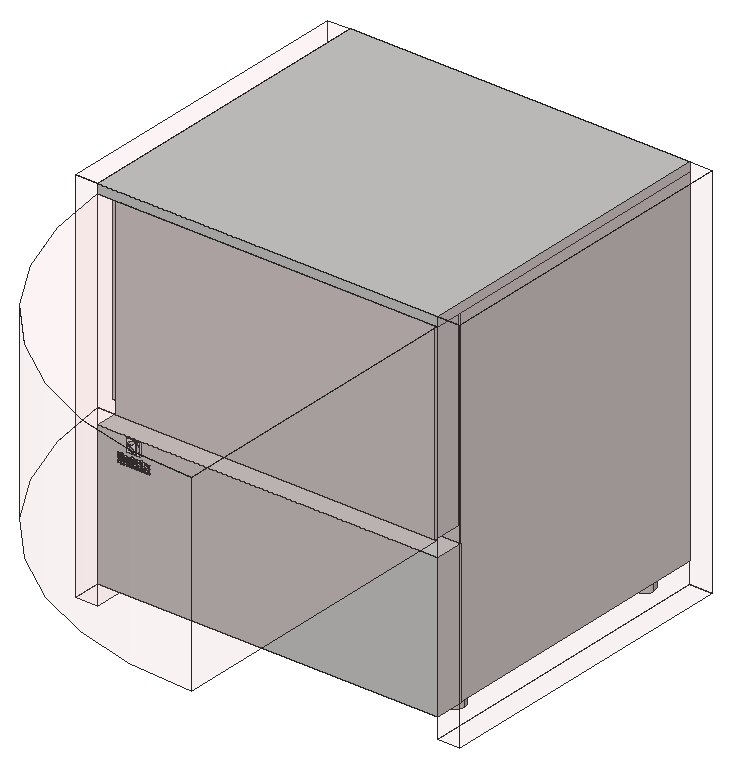
Revit family "QF_ELECTROLUXPROFESSIONAL_725441_ECBCFB015UE", category Attrezzature speciali, Revit 2018
Family settings
  Quota connettore circolare = Usa diametro
  Tipo di parte = Normale
  Basato su piano di lavoro = No
  Sempre verticale = Sì
  Taglio con vuoti quando caricato = No
  Condiviso = No
  Punto di calcolo locali = No
Parameters (values of type "Standard")
  Weight = 85.00 kg
  Watts = 730 W
  Volts = 220 V
  URL Manufacturer = "https://www.electroluxprofessional.com/"
  URL = "https://www.electroluxprofessional.com/"
  Steam Supply Size = 0 mm
  Steam Supply Minimum Pressure = 0.0 Pa
  Steam Supply Maximum Pressure = 0.0 Pa
  Steam Consumption per Hour = 0
  Show Logo [instance] = yes
  Show Clearance [instance] = yes
  Refrigeration Suction Line Size = 0 mm
  Refrigeration Liquid Line Size = 0 mm
  Refrigerant Compressor Remote = yes
  Produttore = "Electrolux Professional"
  Phase = 1
  Modello = "ECBCFB015UE"
  Length Actual = 762 mm  # constant formula
  Item Number = "725441"
  Hot Water Size = 0 mm
  Height Actual = 850 mm  # constant formula
  HP = "1 HP"
  Gas Size = 0 mm
  Gas KW = 0
  Gas Input Pressure = 0 W
  Direct Waste Size = 0 mm
  Descrizione = "BLAST CHILLER/FREEZER CW 15KG 5 GN 1/1 - R448A - UNDERCOUNTER"
  Depth Actual = 708 mm  # constant formula
  Cycle = 50 Hz
  Condensate Return Size = 0 mm
  Compressed Air Volume = 0.0 L/s
  Compressed Air Size = 0 mm
  Compressed Air Pressure = 0.0 Pa
  Cold Water Size = 0 mm
  Accessory = yes
Types (2, lengths in mm): name | URL | Produttore | Phase | Modello | Descrizione
  (no name) | 0 | 0 | 0 | 0 | 0
  Standard | "https://www.electroluxprofessional.com/" | "Electrolux Professional" | 1 | "ECBCFB015UE" | "BLAST CHILLER/FREEZER CW 15KG 5 GN 1/1 - R448A - UNDERCOUNTER"
Values of the unnamed type that differ from the named types
  Weight = 0.00 kg
  Watts = 0 W
  Volts = 0 V
  URL Manufacturer = ""
  Item Number = ""
  HP = ""
  Cycle = 0 Hz
Reference planes
  plane 1 "Center X": y = 193.851
  plane 2: z = 0
  plane 3 "Center Y": x = -378
  plane 4 "LEFT": x = -759
  plane 5 "BACK": y = 547.851
  plane 6 "RIGHT": x = 3
  plane 7 "FRONT": y = -160.149
  plane 8: z = 45
  plane 9 "TOP": z = 850
  plane 10: x = -703
  plane 11: y = 491.851
  plane 12: x = -53
  plane 13: y = -39.149
  plane 14: z = 830
  plane 15: y = -851.149
Forms (mm)
  Extrusion 1, solid, material "QF_Finishes_Stainless Steel"
    sketch origin (0, 0, 850) x (-1, 0, 0) y (0, -1, 0)
      loop
        line (759, -547.851) -> (759, 95.149) -> (-3, 95.149) -> (-3, -547.851) -> (759, -547.851)
    from -20 to -802
  Extrusion 2, solid, material "QF_Finishes_Stainless Steel"
    sketch origin (-499.727, 547.851, 687) x (1, 0, 0) y (0, 0, -1)
      loop
        circle (121.727, 592) r 10.5
    from 0 to 10
  Extrusion 3, solid, material "QF_Finishes_Stainless Steel"
    sketch origin (-1206.916, -1524, 45) x (-1, 0, 0) y (0, -1, 0)
      loop
        line (-447.916, -1363.851) -> (-1209.916, -1363.851) -> (-1209.916, -1428.851) -> (-447.916, -1428.851) -> (-447.916, -1363.851)
    from 320.766 to 0
  Extrusion 4, solid, material "QF_Finishes_Stainless Steel"
    sketch origin (-623, 0, 1060.038) x (1, 0, 0) y (0, 1, 0)
      loop
        line (620, -160.149) -> (620, -95.149) -> (-136, -95.149) -> (-136, -160.149) -> (620, -160.149)
    from -230.038 to -660.038
  Extrusion 5, solid, material "QF_Finishes_Stainless Steel"
    sketch origin (-1206.916, -1524, 882) x (-1, 0, 0) y (0, -1, 0)
      loop
        line (-447.916, -2071.851) -> (-447.916, -1363.851) -> (-1209.916, -1363.851) -> (-1209.916, -2071.851) -> (-447.916, -2071.851)
    from -32 to -52
  Extrusion 6, solid, material "QF_Clearance", visible <- "Show Clearance"
    sketch origin (0, 0, 0) x (1, 0, 0) y (0, 1, 0)
      loop
        line (-759, 547.851) -> (-809, 547.851) -> (-809, -160.149) -> (-759, -160.149) -> (-759, 547.851)
      loop
        line (53, 547.851) -> (3, 547.851) -> (3, -160.149) -> (53, -160.149) -> (53, 547.851)
    from 0 to 850
  Extrusion 7, solid, material "QF_Finishes_Stainless Steel"
    sketch origin (0, 0, 0) x (1, 0, 0) y (0, 1, 0)
      loop
        circle (-703, -39.149) r 20
      loop
        circle (-703, 491.851) r 20
      loop
        circle (-53, 491.851) r 20
      loop
        circle (-53, -39.149) r 20
    from 0 to 45
  Extrusion 8, void
    sketch origin (0, 0, 0) x (1, 0, 0) y (0, 1, 0)
      loop
        line (-759, -160.149) -> (-719, -160.149) -> (-719, -120.149) -> (-759, -120.149) -> (-759, -160.149)
    from 400 to 830
  Extrusion 9, solid, material "QF_Finishes_Stainless Steel"
    sketch origin (0, -65.734, 35) x (1, 0, 0) y (0, 1, 0)
      loop
        circle (-378, 228.585) r 10
    from 0 to 10
  Extrusion 10, solid, material "QF_Clearance", visible <- "Show Clearance"
    sketch origin (0, 0, 0) x (1, 0, 0) y (0, 1, 0)
      loop
        line (3, -160.149) -> (-759, -160.149)
        arc (-759, -160.149) -> (-520.402, -662.683) -> (3, -851.149) r 729.929
        line (3, -851.149) -> (3, -160.149)
    from 400 to 830
Cuts and joins
  joined: Extrusion 1, Extrusion 2
  Extrusion 8 cuts Extrusion 3
  Extrusion 8 cuts Extrusion 6
  Extrusion 8 cuts Extrusion 4
Lines and regions (mm)
  Split face 1
    outline origin (3, -160.149, 45) x (-1, 0, 0) y (0, 0, -1)
      loop
        line (762, -257) -> (562, -257) -> (537.858, -232.858) -> (224.142, -232.858) -> (200, -257) -> (0, -257)
  Split face 2
    outline origin (3, -160.149, 45) x (-1, 0, 0) y (0, 0, -1)
      loop
        line (762, -202) -> (0, -202)
  Split face 3
    outline origin (3, -160.149, 45) x (-1, 0, 0) y (0, 0, -1)
      loop
        line (408.5, -305.998) -> (408.5, -290.998) -> (353.5, -290.998) -> (353.5, -305.998) -> (408.5, -305.998)
  Split face 4
    outline origin (3, -160.149, 20) x (-1, 0, 0) y (0, 0, -1)
      loop
        line (408.5, -305.998) -> (408.5, -290.998) -> (353.5, -290.998) -> (353.5, -305.998) -> (408.5, -305.998)
  symbolic lines
    curve 1: line (-759, 547.851, 850) -> (3, 547.851, 850)
    curve 2: line (-759, -160.149, 850) -> (-759, 547.851, 850)
    curve 3: line (3, 547.851, 850) -> (3, -160.149, 850)
    curve 4: line (3, -160.149, 0) -> (-759, -160.149, 0)
  symbolic lines, style "QF_Clearances"
    curve 5: line (-809, 547.851, 0) -> (-809, -160.149, 0)
    curve 6: line (-809, -160.149, 0) -> (-759, -160.149, 0)
    curve 7: line (53, 547.851, 0) -> (3, 547.851, 0)
    curve 8: line (53, 547.851, 0) -> (53, -160.149, 0)
    curve 9: line (-759, 547.851, 0) -> (-809, 547.851, 0)
    curve 10: line (3, -160.149, 0) -> (53, -160.149, 0)
  symbolic lines, style "QF_Door-Drawer Clearances"
    curve 11: line (3, -851.149, 0) -> (3, -160.149, 0)
    curve 12: arc (-759, -160.149, 0) -> (-520.402, -662.683, 0) -> (3, -851.149, 0) r 729.929
Dimensions and locks
  equal spacing: plane 4 "LEFT", plane 3 "Center Y", plane 6 "RIGHT"
  plane 4 "LEFT" to plane 6 "RIGHT" = 762 mm
  plane 5 "BACK" to plane 7 "FRONT" = 708 mm
  equal spacing: plane 5 "BACK", plane 1 "Center X", plane 7 "FRONT"
  cut or joined group of Extrusion 1, Extrusion 2 to Extrusion 2 sketch curve = 381 mm
  level to Extrusion 2 sketch curve = 95 mm
  Extrusion 2 sketch curve to plane 4 "LEFT" = 381 mm
  plane 9 "TOP" to plane 2 = 850 mm
  locked: plane 9 "TOP" to plane 14 at 20
  plane 8 to level = 45 mm
  plane 6 "RIGHT" to plane 12 = 56 mm
  plane 5 "BACK" to plane 15 = 1399 mm
  aligned and locked: level to plane 2
  aligned and locked: Extrusion 1 to plane 4 "LEFT"
  aligned and locked: plane 6 "RIGHT" to Extrusion 1
  aligned and locked: plane 14 to cut or joined group of Extrusion 1, Extrusion 2
  aligned and locked: plane 5 "BACK" to Extrusion 1
  aligned and locked: plane 8 to Extrusion 7
Automatic sketch dimensions
  curve 6 to plane 7 "FRONT" = 0 mm
  curve 5 to plane 5 "BACK" = 0 mm
  curve 9 to plane 4 "LEFT" = 0 mm
  curve 4 to plane 4 "LEFT" = 0 mm
  curve 10 to plane 6 "RIGHT" = 0 mm
  curve 7 to plane 5 "BACK" = 0 mm
  curve 7 to plane 6 "RIGHT" = 0 mm
  curve 9 to curve 9 = 50 mm
  plane 6 "RIGHT" to curve 8 = 50 mm
  Extrusion 1 sketch curve to plane 5 "BACK" = 0 mm
  Extrusion 1 sketch curve to plane 6 "RIGHT" = 0 mm
  Extrusion 1 sketch curve to plane 4 "LEFT" = 0 mm
  Extrusion 1 sketch curve to plane 13 = 56 mm
  curve 1 to plane 5 "BACK" = 0 mm
  curve 1 to plane 6 "RIGHT" = 0 mm
  curve 2 to plane 4 "LEFT" = 0 mm
  curve 3 to plane 7 "FRONT" = 0 mm
  curve 2 to plane 7 "FRONT" = 0 mm
  Extrusion 3 sketch curve to plane 6 "RIGHT" = 0 mm
  Extrusion 3 sketch curve to plane 4 "LEFT" = 0 mm
  Extrusion 3 sketch curve to plane 7 "FRONT" = 0 mm
  Extrusion 3 sketch curve to plane 13 = 56 mm
  Extrusion 4 sketch curve to plane 4 "LEFT" = 0 mm
  Extrusion 4 sketch curve to plane 7 "FRONT" = 0 mm
  Extrusion 4 sketch curve to plane 6 "RIGHT" = 6 mm
  Extrusion 4 sketch curve to plane 13 = 56 mm
  Extrusion 5 sketch curve to plane 5 "BACK" = 0 mm
  Extrusion 5 sketch curve to plane 6 "RIGHT" = 0 mm
  Extrusion 5 sketch curve to plane 4 "LEFT" = 0 mm
  Extrusion 5 sketch curve to plane 7 "FRONT" = 0 mm
  Split face 1 sketch curve to Extrusion 3 = 0 mm
  Extrusion 3 to Split face 1 sketch curve = 0 mm
  Split face 1 sketch curve to Extrusion 3 = 63.766 mm
  Split face 1 sketch curve to Extrusion 3 = 200 mm
  Split face 1 sketch curve to Split face 1 sketch curve = 24.142 mm  (x3)
  Split face 1 sketch curve to Extrusion 3 = 87.908 mm
  Split face 1 sketch curve to Extrusion 3 = 224.142 mm
  Split face 2 sketch curve to Extrusion 3 = 0 mm
  Extrusion 3 to Split face 2 sketch curve = 0 mm
  Split face 2 sketch curve to Extrusion 3 = 118.766 mm
  Split face 3 sketch curve to Extrusion 3 = 14.768 mm
  Split face 3 sketch curve to Extrusion 3 = 353.5 mm
  Split face 3 sketch curve to Split face 3 sketch curve = 55 mm
  Split face 3 sketch curve to Split face 3 sketch curve = 15 mm
  Split face 4 sketch curve to Extrusion 3 = 39.768 mm
  Split face 4 sketch curve to Extrusion 3 = 353.5 mm
  Split face 4 sketch curve to Split face 4 sketch curve = 55 mm
  Split face 4 sketch curve to Split face 4 sketch curve = 15 mm
  Extrusion 6 sketch curve to plane 7 "FRONT" = 0 mm  (x2)
  Extrusion 6 sketch curve to plane 5 "BACK" = 0 mm  (x2)
  Extrusion 6 sketch curve to plane 4 "LEFT" = 0 mm
  Extrusion 6 sketch curve to plane 6 "RIGHT" = 0 mm
  Extrusion 6 sketch curve to Extrusion 6 sketch curve = 50 mm
  plane 6 "RIGHT" to Extrusion 6 sketch curve = 50 mm
  Extrusion 7 sketch curve to plane 10 = 0 mm  (x2)
  Extrusion 7 sketch curve to plane 12 = 0 mm  (x2)
  Extrusion 7 sketch curve to plane 11 = 0 mm  (x2)
  Extrusion 7 sketch curve to plane 13 = 0 mm  (x2)
  Extrusion 8 sketch curve to plane 4 "LEFT" = 0 mm
  Extrusion 8 sketch curve to plane 7 "FRONT" = 0 mm
  Extrusion 8 sketch curve to plane 10 = 16 mm
  plane 7 "FRONT" to Extrusion 8 sketch curve = 40 mm
  Extrusion 9 sketch curve to plane 3 "Center Y" = 0 mm
  plane 1 "Center X" to Extrusion 9 sketch curve = 31 mm
  Extrusion 10 sketch curve to plane 4 "LEFT" = 0 mm
  Extrusion 10 sketch curve to plane 6 "RIGHT" = 0 mm
  Extrusion 10 sketch curve to plane 15 = 0 mm
  Extrusion 10 sketch curve to plane 7 "FRONT" = 0 mm
  plane 12 to Extrusion 10 sketch curve = 22.929 mm
  curve 11 to plane 15 = 0 mm
  plane 12 to curve 12 = 22.929 mm
  radius of Extrusion 2 sketch curve = 10.5 mm
  radius of Extrusion 7 sketch curve = 20 mm  (x4)
  radius of Extrusion 9 sketch curve = 10 mm
Nested families
  nested 1: "ELX_Pro_Logo" at (-678, -160.149, 331.25) x (1, 0, 0) z (0, -1, 0), type "ELX_Pro_Logo"
Connectors
  electrical at (-378, 557.851, 95), driven by "Volts"
    settings: on Extrusion 2, index 5, voltage 220 V, apparent load 0 VA, apparent load phase1 0 VA, apparent load phase2 0 VA, apparent load phase3 0 VA, power factor 1, load classification "Altro", number of poles 1, system type 30, power factor state 1, is connector primary yes, connector utility no, sub classification motor no, connector description "Electrical Connection"
  piping at (-378, 162.851, 35), diameter 20
    settings: on Extrusion 9, index 6, connector inside diameter 609.6 mm, connector length 0 mm, flow factor 0, pipe flow 0.0 L/s, pressure drop 0.0 Pa, fitting loss kfactor 0, connector angle 0.00°, fixture units 0, engagement length 0 mm, angle of deflection 0.00°, flow configuration 0, flow direction 0, fitting loss method 0, system type 16, joint type 0, gender type 0, connector reference index -1, connector utility 0, adjustable connector no, is connector primary yes, connector description ""
Definition of nested family "ELX_Pro_Logo"
  Parameters (values of type "ELX_Pro_Logo")
    M = none
    Default Elevation = 0 mm
  Reference planes
    plane 1 "Centro (Fronte/Retro)": y = 0
    plane 2: z = 0
    plane 3 "Centro (Sinistra/Destra)": x = 0
  Forms (mm)
    Extrusion 1, solid
      sketch origin (0, 0, 0) x (1, 0, 0) y (0, 1, 0)
        loop
          line (-1219.2, 1219.2) -> (-1219.2, -1219.2) -> (1219.2, -1219.2) -> (1219.2, 1219.2) -> (-1219.2, 1219.2)
      from 0 to -304.8
    Extrusion 2, solid, material <- "M"
      sketch origin (-144.622, -1081.55, 0) x (-1, 0, 0) y (0, -1, 0)
        loop
          line (-111.329, -1069.559) -> (-111.329, -1071.073) -> (-116.048, -1071.073) -> (-116.048, -1072.896) -> (-111.328, -1072.896) -> (-111.328, -1075.549) -> (-116.349, -1075.549) -> (-116.349, -1077.368) -> (-109.396, -1077.368) -> (-109.396, -1073.46) -> (-109.396, -1069.659)
          arc (-109.396, -1069.659) -> (-110.425, -1067.175) -> (-112.909, -1066.146) r 3.513
          line (-112.909, -1066.146) -> (-116.483, -1066.146) -> (-116.483, -1067.963) -> (-112.925, -1067.963)
          arc (-112.925, -1067.963) -> (-111.797, -1068.431) -> (-111.329, -1069.559) r 1.596
        loop
          line (-119.79, -1077.358) -> (-117.856, -1077.358) -> (-117.856, -1072.053) -> (-117.856, -1066.132) -> (-119.79, -1066.132) -> (-119.79, -1072.092) -> (-119.79, -1077.358)
        loop
          line (-122.986, -1069.718) -> (-129.327, -1069.718)
          arc (-129.327, -1069.718) -> (-129.219, -1071.449) -> (-128.497, -1073.026) r 4.757
          arc (-128.497, -1073.026) -> (-125.237, -1074.5) -> (-121.978, -1073.026) r 4.34
          arc (-121.978, -1073.026) -> (-121.072, -1070.207) -> (-121.978, -1067.388) r 4.838
          arc (-121.978, -1067.388) -> (-125.393, -1065.933) -> (-128.809, -1067.388) r 4.737
          line (-128.809, -1067.388) -> (-127.645, -1068.52)
          arc (-127.645, -1068.52) -> (-125.509, -1067.576) -> (-123.374, -1068.52) r 2.888
          arc (-123.374, -1068.52) -> (-123.05, -1069.077) -> (-122.986, -1069.718) r 1.527
        loop
          arc (-127.386, -1071.076) -> (-126.67, -1072.331) -> (-125.331, -1072.872) r 2.201
          arc (-125.331, -1072.872) -> (-123.848, -1072.402) -> (-123.033, -1071.076) r 2.23
          line (-123.033, -1071.076) -> (-127.386, -1071.076)
        loop
          line (-136.862, -1071.886) -> (-138.059, -1073.132)
          arc (-138.059, -1073.132) -> (-130.327, -1070.219) -> (-138.059, -1067.306) r 4.415
          line (-138.059, -1067.306) -> (-136.862, -1068.553)
          arc (-136.862, -1068.553) -> (-132.252, -1070.22) -> (-136.862, -1071.886) r 2.606
        loop
          line (-141.192, -1069.673) -> (-141.192, -1072.494) -> (-142.951, -1072.494) -> (-142.951, -1074.25) -> (-141.195, -1074.25) -> (-141.195, -1077.358) -> (-139.262, -1077.358) -> (-139.262, -1073.332) -> (-139.262, -1069.514)
          arc (-139.262, -1069.514) -> (-140.299, -1066.92) -> (-142.98, -1066.132) r 3.196
          line (-142.98, -1066.132) -> (-142.987, -1067.949)
          arc (-142.987, -1067.949) -> (-141.652, -1068.356) -> (-141.192, -1069.673) r 1.542
        loop
          line (-146.494, -1073.042) -> (-146.494, -1074.25) -> (-144.576, -1074.25) -> (-144.576, -1070.271) -> (-144.576, -1066.132) -> (-146.494, -1066.132) -> (-146.494, -1070.401)
          arc (-146.494, -1070.401) -> (-147.446, -1072.228) -> (-149.489, -1072.494) r 2.229
          line (-149.489, -1072.494) -> (-149.489, -1074.362)
          arc (-149.489, -1074.362) -> (-147.761, -1074.226) -> (-146.494, -1073.042) r 2.627
        loop
          line (-159.833, -1072.246) -> (-159.833, -1066.131) -> (-161.767, -1066.131) -> (-161.767, -1072.17) -> (-161.767, -1077.359) -> (-159.833, -1077.359) -> (-159.833, -1072.246)
        loop
          line (-165.194, -1069.514) -> (-165.194, -1074.25) -> (-163.245, -1074.25) -> (-163.245, -1071.898) -> (-163.245, -1069.098)
          arc (-163.245, -1069.098) -> (-166.96, -1065.769) -> (-170.687, -1069.085) r 3.745
          line (-170.687, -1069.085) -> (-170.687, -1071.898) -> (-170.687, -1074.25) -> (-168.739, -1074.25) -> (-168.739, -1069.514)
          arc (-168.739, -1069.514) -> (-166.967, -1067.742) -> (-165.194, -1069.514) r 1.772
        loop
          line (-174.654, -1070.416) -> (-172.975, -1068.078) -> (-171.578, -1066.131) -> (-173.656, -1066.131) -> (-175.717, -1068.999) -> (-177.779, -1066.131) -> (-179.857, -1066.131) -> (-178, -1068.728) -> (-176.781, -1070.433) -> (-178.29, -1072.488) -> (-179.583, -1074.25) -> (-177.473, -1074.25) -> (-175.717, -1071.818) -> (-173.945, -1074.25) -> (-171.852, -1074.25) -> (-173.052, -1072.608) -> (-174.654, -1070.416)
        loop
          circle (-154.223, -1070.188) r 2.508
        loop
          circle (-154.223, -1070.188) r 4.42
        loop
          line (-110.224, -1058.542) -> (-111.194, -1058.542)
          arc (-111.194, -1058.542) -> (-112.217, -1059.95) -> (-110.924, -1061.114) r 1.3
          line (-110.924, -1061.114) -> (-109.424, -1061.114) -> (-109.424, -1057.223) -> (-110.224, -1057.223) -> (-110.224, -1058.542)
        loop
          line (-110.224, -1060.379) -> (-110.224, -1059.293) -> (-111.03, -1059.293)
          arc (-111.03, -1059.293) -> (-111.43, -1059.836) -> (-111.03, -1060.379) r 0.569
          line (-111.03, -1060.379) -> (-110.224, -1060.379)
        loop
          line (-116.302, -1058.564) -> (-117.128, -1058.564) -> (-117.934, -1057.223) -> (-118.841, -1057.223) -> (-117.833, -1058.884)
          arc (-117.833, -1058.884) -> (-118.214, -1060.282) -> (-117.028, -1061.114) r 1.26
          line (-117.028, -1061.114) -> (-115.503, -1061.114) -> (-115.503, -1057.223) -> (-116.302, -1057.223) -> (-116.302, -1058.564)
        loop
          line (-116.302, -1060.379) -> (-116.302, -1059.293) -> (-117.109, -1059.293)
          arc (-117.109, -1059.293) -> (-117.508, -1059.836) -> (-117.109, -1060.379) r 0.569
          line (-117.109, -1060.379) -> (-116.302, -1060.379)
        loop
          line (-128.923, -1057.223) -> (-129.723, -1057.223) -> (-129.723, -1058.714) -> (-131.187, -1058.714) -> (-131.187, -1059.514) -> (-129.723, -1059.514) -> (-129.723, -1060.314) -> (-131.327, -1060.314) -> (-131.327, -1061.114) -> (-128.923, -1061.114) -> (-128.923, -1057.223)
        loop
          arc (-134.628, -1058.469) -> (-134.992, -1057.588) -> (-135.874, -1057.223) r 1.246
          line (-135.874, -1057.223) -> (-137.13, -1057.223) -> (-137.13, -1058.023) -> (-135.969, -1058.023)
          arc (-135.969, -1058.023) -> (-135.53, -1058.237) -> (-135.427, -1058.714) r 0.558
          line (-135.427, -1058.714) -> (-136.984, -1058.714) -> (-136.984, -1059.514) -> (-135.427, -1059.514) -> (-135.427, -1060.314) -> (-137.092, -1060.314) -> (-137.092, -1061.114) -> (-134.628, -1061.114) -> (-134.628, -1058.469)
        loop
          line (-152.3, -1057.223) -> (-153.1, -1057.223) -> (-153.1, -1061.114) -> (-152.3, -1061.114) -> (-152.3, -1057.223)
        loop
          line (-164.67, -1057.223) -> (-164.67, -1059.67) -> (-166.45, -1057.223) -> (-167.25, -1057.223) -> (-167.25, -1061.114) -> (-166.42, -1061.114) -> (-166.42, -1058.594) -> (-164.64, -1061.114) -> (-163.84, -1061.114) -> (-163.84, -1057.223) -> (-164.67, -1057.223)
        loop
          line (-170.403, -1057.223) -> (-171.262, -1057.223) -> (-171.641, -1058.063) -> (-173.08, -1058.063) -> (-173.459, -1057.223) -> (-174.317, -1057.223) -> (-172.796, -1061.113) -> (-171.996, -1061.113) -> (-170.403, -1057.223)
        loop
          line (-177.493, -1057.223) -> (-179.789, -1057.223) -> (-179.789, -1058.023) -> (-178.293, -1058.023) -> (-178.293, -1061.114) -> (-177.493, -1061.114) -> (-177.493, -1057.223)
        loop
          line (-172.362, -1059.848) -> (-171.945, -1058.83) -> (-172.76, -1058.83) -> (-172.362, -1059.848)
        loop
          circle (-158.484, -1059.145) r 1.288
        loop
          circle (-158.484, -1059.145) r 2.065
        loop
          arc (-146.04, -1058.095) -> (-146.933, -1057.275) -> (-148.145, -1057.245) r 1.725
          arc (-148.145, -1057.245) -> (-148.965, -1058.02) -> (-148.68, -1059.111) r 1.107
          arc (-148.68, -1059.111) -> (-148.103, -1059.465) -> (-147.486, -1059.746) r 5.523
          arc (-147.486, -1059.746) -> (-147.147, -1060.262) -> (-147.708, -1060.52) r 0.407
          arc (-147.708, -1060.52) -> (-148.045, -1060.315) -> (-148.325, -1060.038) r 1.702
          line (-148.325, -1060.038) -> (-149.011, -1060.45)
          arc (-149.011, -1060.45) -> (-148.578, -1060.911) -> (-148.043, -1061.247) r 2.463
          arc (-148.043, -1061.247) -> (-146.373, -1060.466) -> (-147.42, -1058.949) r 1.207
          spline (-147.42, -1058.949) -> (-147.716, -1058.809) -> (-147.932, -1058.678) -> (-148.077, -1058.557) -> (-148.163, -1058.446) -> (-148.198, -1058.347) -> (-148.192, -1058.258) -> (-148.157, -1058.182) -> (-148.102, -1058.118) -> (-148.037, -1058.068) -> (-147.972, -1058.031) -> (-147.917, -1058.008) -> (-147.883, -1058)
          arc (-147.883, -1058) -> (-147.238, -1058.014) -> (-146.759, -1058.446) r 0.925
          line (-146.759, -1058.446) -> (-146.04, -1058.095)
        loop
          arc (-140.18, -1058.095) -> (-141.073, -1057.275) -> (-142.285, -1057.245) r 1.725
          arc (-142.285, -1057.245) -> (-143.106, -1058.02) -> (-142.821, -1059.111) r 1.107
          arc (-142.821, -1059.111) -> (-142.243, -1059.465) -> (-141.627, -1059.746) r 5.523
          arc (-141.627, -1059.746) -> (-141.287, -1060.262) -> (-141.849, -1060.52) r 0.407
          arc (-141.849, -1060.52) -> (-142.185, -1060.315) -> (-142.466, -1060.038) r 1.702
          line (-142.466, -1060.038) -> (-143.151, -1060.45)
          arc (-143.151, -1060.45) -> (-142.719, -1060.911) -> (-142.183, -1061.247) r 2.463
          arc (-142.183, -1061.247) -> (-140.513, -1060.466) -> (-141.56, -1058.949) r 1.207
          spline (-141.56, -1058.949) -> (-141.856, -1058.809) -> (-142.072, -1058.678) -> (-142.218, -1058.557) -> (-142.303, -1058.446) -> (-142.338, -1058.347) -> (-142.333, -1058.258) -> (-142.298, -1058.182) -> (-142.242, -1058.118) -> (-142.177, -1058.068) -> (-142.112, -1058.031) -> (-142.057, -1058.008) -> (-142.023, -1058)
          arc (-142.023, -1058) -> (-141.378, -1058.014) -> (-140.9, -1058.446) r 0.925
          line (-140.9, -1058.446) -> (-140.18, -1058.095)
        loop
          circle (-123.484, -1059.145) r 1.288
        loop
          circle (-123.484, -1059.145) r 2.065
        loop
          line (-130.225, -1113.361) -> (-130.225, -1084.645) -> (-158.979, -1084.645) -> (-158.979, -1113.361) -> (-130.225, -1113.361)
        loop
          arc (-148.442, -1086.055) -> (-157.992, -1098.973) -> (-148.442, -1111.892) r 13.512
          line (-148.442, -1111.892) -> (-148.442, -1086.055)
        loop
          line (-147.127, -1086.055) -> (-147.127, -1087.926)
          arc (-147.127, -1087.926) -> (-143.116, -1095.125) -> (-135.48, -1098.224) r 12.412
          line (-135.48, -1098.224) -> (-131.205, -1098.224)
          arc (-131.205, -1098.224) -> (-136.382, -1088.497) -> (-147.127, -1086.055) r 13.242
        loop
          line (-147.127, -1110.021) -> (-147.127, -1112.224)
          arc (-147.127, -1112.224) -> (-136.374, -1109.53) -> (-131.205, -1099.722) r 13.588
          line (-131.205, -1099.722) -> (-135.48, -1099.722)
          arc (-135.48, -1099.722) -> (-143.116, -1102.822) -> (-147.127, -1110.021) r 12.412
      from 0 to 1.6
  Lines and regions (mm)
    symbolic lines
      curve 1: line (-14.357, 31.811, 0) -> (14.357, 31.811, 0)
      curve 2: line (-14.357, 3.095, 0) -> (-14.357, 31.811, 0)
      curve 3: line (14.357, 3.095, 0) -> (-14.357, 3.095, 0)
      curve 4: line (14.357, 31.811, 0) -> (14.357, 3.095, 0)
      curve 5: line (-8.32, 7.722, 0) -> (-9.387, 8.738, 0)
      curve 6: line (-9.387, 8.738, 0) -> (-10.331, 9.866, 0)
      curve 7: line (-10.331, 9.866, 0) -> (-11.141, 11.095, 0)
      curve 8: line (-11.141, 11.095, 0) -> (-11.805, 12.411, 0)
      curve 9: line (-11.805, 12.411, 0) -> (-12.31, 13.803, 0)
      curve 10: line (-12.31, 13.803, 0) -> (-12.646, 15.26, 0)
      curve 11: line (-12.646, 15.26, 0) -> (-12.8, 16.77, 0)
      curve 12: line (-12.8, 16.77, 0) -> (-10.081, 16.77, 0)
      curve 13: line (-10.081, 16.77, 0) -> (-8.466, 16.661, 0)
      curve 14: line (-8.466, 16.661, 0) -> (-6.88, 16.344, 0)
      curve 15: line (-6.88, 16.344, 0) -> (-5.345, 15.833, 0)
      curve 16: line (-5.345, 15.833, 0) -> (-3.882, 15.143, 0)
      curve 17: line (-3.882, 15.143, 0) -> (-2.511, 14.288, 0)
      curve 18: line (-2.511, 14.288, 0) -> (-1.255, 13.283, 0)
      curve 19: line (-1.255, 13.283, 0) -> (-0.135, 12.143, 0)
      curve 20: line (-0.135, 12.143, 0) -> (0.83, 10.882, 0)
      curve 21: line (0.83, 10.882, 0) -> (1.616, 9.515, 0)
      curve 22: arc (1.616, 9.515, 0) -> (2.419, 7.28, 0) -> (2.7, 4.923, 0) r 10.532
      curve 23: arc (2.7, 4.923, 0) -> (1.362, 4.715, 0) -> (0.011, 4.633, 0) r 14.39
      curve 24: line (0.011, 4.633, 0) -> (-1.56, 4.731, 0)
      curve 25: line (-1.56, 4.731, 0) -> (-3.062, 5.011, 0)
      curve 26: line (-3.062, 5.011, 0) -> (-4.502, 5.462, 0)
      curve 27: line (-4.502, 5.462, 0) -> (-5.866, 6.072, 0)
      curve 28: line (-5.866, 6.072, 0) -> (-7.142, 6.829, 0)
      curve 29: line (-7.142, 6.829, 0) -> (-8.32, 7.722, 0)
      curve 30: line (-10.802, 24.24, 0) -> (-9.872, 25.531, 0)
      curve 31: line (-9.872, 25.531, 0) -> (-8.796, 26.699, 0)
      curve 32: line (-8.796, 26.699, 0) -> (-7.587, 27.728, 0)
      curve 33: line (-7.587, 27.728, 0) -> (-6.258, 28.602, 0)
      curve 34: line (-6.258, 28.602, 0) -> (-4.823, 29.309, 0)
      curve 35: line (-4.823, 29.309, 0) -> (-3.293, 29.832, 0)
      curve 36: line (-3.293, 29.832, 0) -> (-1.683, 30.156, 0)
      curve 37: arc (-1.683, 30.156, 0) -> (0.517, 30.256, 0) -> (2.702, 29.984, 0) r 13.008
      curve 38: arc (2.702, 29.984, 0) -> (2.453, 27.616, 0) -> (1.617, 25.387, 0) r 9.395
      curve 39: line (1.617, 25.387, 0) -> (0.83, 24.018, 0)
      curve 40: line (0.83, 24.018, 0) -> (-0.134, 22.756, 0)
      curve 41: line (-0.134, 22.756, 0) -> (-1.255, 21.615, 0)
      curve 42: line (-1.255, 21.615, 0) -> (-2.512, 20.609, 0)
      curve 43: line (-2.512, 20.609, 0) -> (-3.882, 19.754, 0)
      curve 44: line (-3.882, 19.754, 0) -> (-5.346, 19.063, 0)
      curve 45: line (-5.346, 19.063, 0) -> (-6.881, 18.551, 0)
      curve 46: line (-6.881, 18.551, 0) -> (-8.467, 18.234, 0)
      curve 47: line (-8.467, 18.234, 0) -> (-10.083, 18.125, 0)
      curve 48: line (-10.083, 18.125, 0) -> (-12.798, 18.125, 0)
      curve 49: line (-12.798, 18.125, 0) -> (-12.584, 19.768, 0)
      curve 50: line (-12.584, 19.768, 0) -> (-12.171, 21.343, 0)
      curve 51: line (-12.171, 21.343, 0) -> (-11.572, 22.839, 0)
      curve 52: line (-11.572, 22.839, 0) -> (-10.802, 24.24, 0)
      curve 53: line (4.048, 5.294, 0) -> (4.048, 29.617, 0)
      curve 54: line (4.048, 29.617, 0) -> (5.525, 29.026, 0)
      curve 55: line (5.525, 29.026, 0) -> (6.905, 28.26, 0)
      curve 56: line (6.905, 28.26, 0) -> (8.174, 27.332, 0)
      curve 57: line (8.174, 27.332, 0) -> (9.318, 26.256, 0)
      curve 58: line (9.318, 26.256, 0) -> (10.323, 25.046, 0)
      curve 59: line (10.323, 25.046, 0) -> (11.177, 23.715, 0)
      curve 60: line (11.177, 23.715, 0) -> (11.865, 22.277, 0)
      curve 61: line (11.865, 22.277, 0) -> (12.375, 20.746, 0)
      curve 62: line (12.375, 20.746, 0) -> (12.693, 19.135, 0)
      curve 63: line (12.693, 19.135, 0) -> (12.804, 17.459, 0)
      curve 64: line (12.804, 17.459, 0) -> (12.702, 15.807, 0)
      curve 65: line (12.702, 15.807, 0) -> (12.396, 14.216, 0)
      curve 66: line (12.396, 14.216, 0) -> (11.897, 12.7, 0)
      curve 67: line (11.897, 12.7, 0) -> (11.218, 11.271, 0)
      curve 68: line (11.218, 11.271, 0) -> (10.372, 9.944, 0)
      curve 69: line (10.372, 9.944, 0) -> (9.37, 8.731, 0)
      curve 70: line (9.37, 8.731, 0) -> (8.224, 7.646, 0)
      curve 71: line (8.224, 7.646, 0) -> (6.947, 6.703, 0)
      curve 72: line (6.947, 6.703, 0) -> (5.551, 5.914, 0)
      curve 73: line (5.551, 5.914, 0) -> (4.048, 5.294, 0)
      curve 74: line (-35.227, -8.09, 0) -> (-35.227, -11.891, 0)
      curve 75: arc (-35.227, -11.891, 0) -> (-34.198, -14.375, 0) -> (-31.714, -15.404, 0) r 3.513
      curve 76: line (-31.714, -15.404, 0) -> (-28.139, -15.404, 0)
      curve 77: line (-28.139, -15.404, 0) -> (-28.139, -13.587, 0)
      curve 78: line (-28.139, -13.587, 0) -> (-31.697, -13.587, 0)
      curve 79: arc (-31.697, -13.587, 0) -> (-32.826, -13.119, 0) -> (-33.293, -11.991, 0) r 1.596
      curve 80: line (-33.293, -11.991, 0) -> (-33.293, -10.477, 0)
      curve 81: line (-33.293, -10.477, 0) -> (-28.574, -10.477, 0)
      curve 82: line (-28.574, -10.477, 0) -> (-28.574, -8.654, 0)
      curve 83: line (-28.574, -8.654, 0) -> (-33.294, -8.654, 0)
      curve 84: line (-33.294, -8.654, 0) -> (-33.294, -6.001, 0)
      curve 85: line (-33.294, -6.001, 0) -> (-28.273, -6.001, 0)
      curve 86: line (-28.273, -6.001, 0) -> (-28.273, -4.182, 0)
      curve 87: line (-28.273, -4.182, 0) -> (-35.227, -4.182, 0)
      curve 88: line (-35.227, -4.182, 0) -> (-35.227, -8.09, 0)
      curve 89: line (-24.833, -9.458, 0) -> (-24.833, -4.192, 0)
      curve 90: line (-24.833, -4.192, 0) -> (-26.766, -4.192, 0)
      curve 91: line (-26.766, -4.192, 0) -> (-26.766, -9.497, 0)
      curve 92: line (-26.766, -9.497, 0) -> (-26.766, -15.418, 0)
      curve 93: line (-26.766, -15.418, 0) -> (-24.833, -15.418, 0)
      curve 94: line (-24.833, -15.418, 0) -> (-24.833, -9.458, 0)
      curve 95: arc (-16.125, -8.524, 0) -> (-19.385, -7.05, 0) -> (-22.645, -8.524, 0) r 4.34
      curve 96: arc (-22.645, -8.524, 0) -> (-23.551, -11.343, 0) -> (-22.645, -14.162, 0) r 4.838
      curve 97: arc (-22.645, -14.162, 0) -> (-19.229, -15.617, 0) -> (-15.813, -14.162, 0) r 4.737
      curve 98: line (-15.813, -14.162, 0) -> (-16.978, -13.03, 0)
      curve 99: arc (-16.978, -13.03, 0) -> (-19.113, -13.974, 0) -> (-21.249, -13.03, 0) r 2.888
      curve 100: arc (-21.249, -13.03, 0) -> (-21.572, -12.473, 0) -> (-21.637, -11.832, 0) r 1.527
      curve 101: line (-21.637, -11.832, 0) -> (-15.295, -11.832, 0)
      curve 102: arc (-15.295, -11.832, 0) -> (-15.404, -10.101, 0) -> (-16.125, -8.524, 0) r 4.757
      curve 103: line (-17.236, -10.474, 0) -> (-21.589, -10.474, 0)
      curve 104: arc (-21.589, -10.474, 0) -> (-20.774, -9.148, 0) -> (-19.291, -8.678, 0) r 2.23
      curve 105: arc (-19.291, -8.678, 0) -> (-17.952, -9.219, 0) -> (-17.236, -10.474, 0) r 2.201
      curve 106: arc (-6.563, -8.418, 0) -> (-14.295, -11.331, 0) -> (-6.563, -14.244, 0) r 4.415
      curve 107: line (-6.563, -14.244, 0) -> (-7.761, -12.997, 0)
      curve 108: arc (-7.761, -12.997, 0) -> (-12.371, -11.33, 0) -> (-7.761, -9.664, 0) r 2.606
      curve 109: line (-7.761, -9.664, 0) -> (-6.563, -8.418, 0)
      curve 110: line (-5.361, -4.192, 0) -> (-5.361, -8.218, 0)
      curve 111: line (-5.361, -8.218, 0) -> (-5.361, -12.036, 0)
      curve 112: arc (-5.361, -12.036, 0) -> (-4.323, -14.63, 0) -> (-1.642, -15.418, 0) r 3.196
      curve 113: line (-1.642, -15.418, 0) -> (-1.636, -13.601, 0)
      curve 114: arc (-1.636, -13.601, 0) -> (-2.97, -13.194, 0) -> (-3.43, -11.877, 0) r 1.542
      curve 115: line (-3.43, -11.877, 0) -> (-3.43, -9.056, 0)
      curve 116: line (-3.43, -9.056, 0) -> (-1.672, -9.056, 0)
      curve 117: line (-1.672, -9.056, 0) -> (-1.672, -7.299, 0)
      curve 118: line (-1.672, -7.299, 0) -> (-3.427, -7.299, 0)
      curve 119: line (-3.427, -7.299, 0) -> (-3.427, -4.192, 0)
      curve 120: line (-3.427, -4.192, 0) -> (-5.361, -4.192, 0)
      curve 121: line (1.872, -7.3, 0) -> (-0.046, -7.3, 0)
      curve 122: line (-0.046, -7.3, 0) -> (-0.046, -11.279, 0)
      curve 123: line (-0.046, -11.279, 0) -> (-0.046, -15.418, 0)
      curve 124: line (-0.046, -15.418, 0) -> (1.872, -15.418, 0)
      curve 125: line (1.872, -15.418, 0) -> (1.872, -11.149, 0)
      curve 126: arc (1.872, -11.149, 0) -> (2.824, -9.322, 0) -> (4.867, -9.056, 0) r 2.229
      curve 127: line (4.867, -9.056, 0) -> (4.867, -7.188, 0)
      curve 128: arc (4.867, -7.188, 0) -> (3.138, -7.324, 0) -> (1.872, -8.508, 0) r 2.627
      curve 129: line (1.872, -8.508, 0) -> (1.872, -7.3, 0)
      curve 130: arc (7.092, -11.362, 0) -> (9.601, -8.854, 0) -> (12.109, -11.362, 0) r 2.508
      curve 131: arc (12.109, -11.362, 0) -> (9.601, -13.871, 0) -> (7.092, -11.362, 0) r 2.508
      curve 132: arc (5.18, -11.362, 0) -> (9.601, -15.783, 0) -> (14.021, -11.362, 0) r 4.42
      curve 133: arc (14.021, -11.362, 0) -> (9.601, -6.942, 0) -> (5.18, -11.362, 0) r 4.42
      curve 134: line (15.211, -4.191, 0) -> (15.211, -9.304, 0)
      curve 135: line (15.211, -9.304, 0) -> (15.211, -15.419, 0)
      curve 136: line (15.211, -15.419, 0) -> (17.145, -15.419, 0)
      curve 137: line (17.145, -15.419, 0) -> (17.145, -9.38, 0)
      curve 138: line (17.145, -9.38, 0) -> (17.145, -4.191, 0)
      curve 139: line (17.145, -4.191, 0) -> (15.211, -4.191, 0)
      curve 140: line (18.622, -7.299, 0) -> (18.622, -9.652, 0)
      curve 141: line (18.622, -9.652, 0) -> (18.622, -12.452, 0)
      curve 142: arc (18.622, -12.452, 0) -> (22.338, -15.781, 0) -> (26.064, -12.465, 0) r 3.745
      curve 143: line (26.064, -12.465, 0) -> (26.064, -9.652, 0)
      curve 144: line (26.064, -9.652, 0) -> (26.064, -7.299, 0)
      curve 145: line (26.064, -7.299, 0) -> (24.116, -7.299, 0)
      curve 146: line (24.116, -7.299, 0) -> (24.116, -12.036, 0)
      curve 147: arc (24.116, -12.036, 0) -> (22.344, -13.808, 0) -> (20.572, -12.036, 0) r 1.772
      curve 148: line (20.572, -12.036, 0) -> (20.572, -7.299, 0)
      curve 149: line (20.572, -7.299, 0) -> (18.622, -7.299, 0)
      curve 150: line (28.43, -8.942, 0) -> (30.032, -11.134, 0)
      curve 151: line (30.032, -11.134, 0) -> (28.353, -13.472, 0)
      curve 152: line (28.353, -13.472, 0) -> (26.955, -15.419, 0)
      curve 153: line (26.955, -15.419, 0) -> (29.033, -15.419, 0)
      curve 154: line (29.033, -15.419, 0) -> (31.095, -12.551, 0)
      curve 155: line (31.095, -12.551, 0) -> (33.156, -15.419, 0)
      curve 156: line (33.156, -15.419, 0) -> (35.234, -15.419, 0)
      curve 157: line (35.234, -15.419, 0) -> (33.378, -12.822, 0)
      curve 158: line (33.378, -12.822, 0) -> (32.158, -11.117, 0)
      curve 159: line (32.158, -11.117, 0) -> (33.668, -9.062, 0)
      curve 160: line (33.668, -9.062, 0) -> (34.961, -7.3, 0)
      curve 161: line (34.961, -7.3, 0) -> (32.851, -7.3, 0)
      curve 162: line (32.851, -7.3, 0) -> (31.095, -9.732, 0)
      curve 163: line (31.095, -9.732, 0) -> (29.323, -7.3, 0)
      curve 164: line (29.323, -7.3, 0) -> (27.23, -7.3, 0)
      curve 165: line (27.23, -7.3, 0) -> (28.43, -8.942, 0)
      curve 166: line (-35.198, -20.436, 0) -> (-35.198, -24.327, 0)
      curve 167: line (-35.198, -24.327, 0) -> (-34.398, -24.327, 0)
      curve 168: line (-34.398, -24.327, 0) -> (-34.398, -23.008, 0)
      curve 169: line (-34.398, -23.008, 0) -> (-33.428, -23.008, 0)
      curve 170: arc (-33.428, -23.008, 0) -> (-32.405, -21.6, 0) -> (-33.699, -20.436, 0) r 1.3
      curve 171: line (-33.699, -20.436, 0) -> (-35.198, -20.436, 0)
      curve 172: line (-34.398, -22.257, 0) -> (-34.398, -21.171, 0)
      curve 173: line (-34.398, -21.171, 0) -> (-33.592, -21.171, 0)
      curve 174: arc (-33.592, -21.171, 0) -> (-33.192, -21.714, 0) -> (-33.592, -22.257, 0) r 0.569
      curve 175: line (-33.592, -22.257, 0) -> (-34.398, -22.257, 0)
      curve 176: line (-29.12, -20.436, 0) -> (-29.12, -24.327, 0)
      curve 177: line (-29.12, -24.327, 0) -> (-28.32, -24.327, 0)
      curve 178: line (-28.32, -24.327, 0) -> (-28.32, -22.986, 0)
      curve 179: line (-28.32, -22.986, 0) -> (-27.494, -22.986, 0)
      curve 180: line (-27.494, -22.986, 0) -> (-26.688, -24.327, 0)
      curve 181: line (-26.688, -24.327, 0) -> (-25.781, -24.327, 0)
      curve 182: line (-25.781, -24.327, 0) -> (-26.789, -22.666, 0)
      curve 183: arc (-26.789, -22.666, 0) -> (-26.409, -21.268, 0) -> (-27.594, -20.436, 0) r 1.26
      curve 184: line (-27.594, -20.436, 0) -> (-29.12, -20.436, 0)
      curve 185: line (-28.32, -22.257, 0) -> (-28.32, -21.171, 0)
      curve 186: line (-28.32, -21.171, 0) -> (-27.514, -21.171, 0)
      curve 187: arc (-27.514, -21.171, 0) -> (-27.114, -21.714, 0) -> (-27.514, -22.257, 0) r 0.569
      curve 188: line (-27.514, -22.257, 0) -> (-28.32, -22.257, 0)
      curve 189: arc (-22.427, -22.405, 0) -> (-21.138, -21.117, 0) -> (-19.85, -22.405, 0) r 1.288
      curve 190: arc (-19.85, -22.405, 0) -> (-21.138, -23.694, 0) -> (-22.427, -22.405, 0) r 1.288
      curve 191: arc (-23.203, -22.405, 0) -> (-21.138, -24.47, 0) -> (-19.074, -22.405, 0) r 2.065
      curve 192: arc (-19.074, -22.405, 0) -> (-21.138, -20.34, 0) -> (-23.203, -22.405, 0) r 2.065
      curve 193: line (-15.7, -20.436, 0) -> (-15.7, -24.327, 0)
      curve 194: line (-15.7, -24.327, 0) -> (-14.9, -24.327, 0)
      curve 195: line (-14.9, -24.327, 0) -> (-14.9, -22.836, 0)
      curve 196: line (-14.9, -22.836, 0) -> (-13.436, -22.836, 0)
      curve 197: line (-13.436, -22.836, 0) -> (-13.436, -22.036, 0)
      curve 198: line (-13.436, -22.036, 0) -> (-14.9, -22.036, 0)
      curve 199: line (-14.9, -22.036, 0) -> (-14.9, -21.236, 0)
      curve 200: line (-14.9, -21.236, 0) -> (-13.295, -21.236, 0)
      curve 201: line (-13.295, -21.236, 0) -> (-13.295, -20.436, 0)
      curve 202: line (-13.295, -20.436, 0) -> (-15.7, -20.436, 0)
      curve 203: line (-9.995, -20.436, 0) -> (-9.995, -23.081, 0)
      curve 204: arc (-9.995, -23.081, 0) -> (-9.63, -23.962, 0) -> (-8.749, -24.327, 0) r 1.246
      curve 205: line (-8.749, -24.327, 0) -> (-7.492, -24.327, 0)
      curve 206: line (-7.492, -24.327, 0) -> (-7.492, -23.527, 0)
      curve 207: line (-7.492, -23.527, 0) -> (-8.653, -23.527, 0)
      curve 208: arc (-8.653, -23.527, 0) -> (-9.092, -23.313, 0) -> (-9.195, -22.836, 0) r 0.558
      curve 209: line (-9.195, -22.836, 0) -> (-7.639, -22.836, 0)
      curve 210: line (-7.639, -22.836, 0) -> (-7.639, -22.036, 0)
      curve 211: line (-7.639, -22.036, 0) -> (-9.195, -22.036, 0)
      curve 212: line (-9.195, -22.036, 0) -> (-9.195, -21.236, 0)
      curve 213: line (-9.195, -21.236, 0) -> (-7.53, -21.236, 0)
      curve 214: line (-7.53, -21.236, 0) -> (-7.53, -20.436, 0)
      curve 215: line (-7.53, -20.436, 0) -> (-9.995, -20.436, 0)
      curve 216: arc (-4.442, -23.455, 0) -> (-3.549, -24.275, 0) -> (-2.337, -24.305, 0) r 1.725
      curve 217: arc (-2.337, -24.305, 0) -> (-1.517, -23.53, 0) -> (-1.802, -22.439, 0) r 1.107
      curve 218: arc (-1.802, -22.439, 0) -> (-2.379, -22.085, 0) -> (-2.996, -21.804, 0) r 5.523
      curve 219: arc (-2.996, -21.804, 0) -> (-3.336, -21.288, 0) -> (-2.774, -21.03, 0) r 0.407
      curve 220: arc (-2.774, -21.03, 0) -> (-2.437, -21.235, 0) -> (-2.157, -21.512, 0) r 1.702
      curve 221: line (-2.157, -21.512, 0) -> (-1.471, -21.1, 0)
      curve 222: arc (-1.471, -21.1, 0) -> (-1.904, -20.639, 0) -> (-2.44, -20.303, 0) r 2.463
      curve 223: arc (-2.44, -20.303, 0) -> (-4.109, -21.084, 0) -> (-3.062, -22.601, 0) r 1.207
      curve 224: line (-3.062, -22.601, 0) -> (-2.6, -23.549, 0)
      curve 225: arc (-2.6, -23.549, 0) -> (-3.244, -23.536, 0) -> (-3.723, -23.104, 0) r 0.925
      curve 226: line (-3.723, -23.104, 0) -> (-4.442, -23.455, 0)
      curve 227: arc (1.418, -23.455, 0) -> (2.311, -24.275, 0) -> (3.523, -24.305, 0) r 1.725
      curve 228: arc (3.523, -24.305, 0) -> (4.343, -23.53, 0) -> (4.058, -22.439, 0) r 1.107
      curve 229: arc (4.058, -22.439, 0) -> (3.48, -22.085, 0) -> (2.864, -21.804, 0) r 5.523
      curve 230: arc (2.864, -21.804, 0) -> (2.524, -21.288, 0) -> (3.086, -21.03, 0) r 0.407
      curve 231: arc (3.086, -21.03, 0) -> (3.423, -21.235, 0) -> (3.703, -21.512, 0) r 1.702
      curve 232: line (3.703, -21.512, 0) -> (4.389, -21.1, 0)
      curve 233: arc (4.389, -21.1, 0) -> (3.956, -20.639, 0) -> (3.42, -20.303, 0) r 2.463
      curve 234: arc (3.42, -20.303, 0) -> (1.75, -21.084, 0) -> (2.798, -22.601, 0) r 1.207
      curve 235: line (2.798, -22.601, 0) -> (3.26, -23.549, 0)
      curve 236: arc (3.26, -23.549, 0) -> (2.616, -23.536, 0) -> (2.137, -23.104, 0) r 0.925
      curve 237: line (2.137, -23.104, 0) -> (1.418, -23.455, 0)
      curve 238: line (7.678, -24.327, 0) -> (8.478, -24.327, 0)
      curve 239: line (8.478, -24.327, 0) -> (8.478, -20.436, 0)
      curve 240: line (8.478, -20.436, 0) -> (7.678, -20.436, 0)
      curve 241: line (7.678, -20.436, 0) -> (7.678, -24.327, 0)
      curve 242: arc (11.797, -22.405, 0) -> (13.862, -24.47, 0) -> (15.926, -22.405, 0) r 2.065
      curve 243: arc (15.15, -22.405, 0) -> (13.862, -23.694, 0) -> (12.573, -22.405, 0) r 1.288
      curve 244: arc (12.573, -22.405, 0) -> (13.862, -21.117, 0) -> (15.15, -22.405, 0) r 1.288
      curve 245: arc (15.926, -22.405, 0) -> (13.862, -20.34, 0) -> (11.797, -22.405, 0) r 2.065
      curve 246: line (19.217, -20.436, 0) -> (19.217, -24.327, 0)
      curve 247: line (19.217, -24.327, 0) -> (20.048, -24.327, 0)
      curve 248: line (20.048, -24.327, 0) -> (20.048, -21.88, 0)
      curve 249: line (20.048, -21.88, 0) -> (21.828, -24.327, 0)
      curve 250: line (21.828, -24.327, 0) -> (22.628, -24.327, 0)
      curve 251: line (22.628, -24.327, 0) -> (22.628, -20.436, 0)
      curve 252: line (22.628, -20.436, 0) -> (21.797, -20.436, 0)
      curve 253: line (21.797, -20.436, 0) -> (21.797, -22.956, 0)
      curve 254: line (21.797, -22.956, 0) -> (20.017, -20.436, 0)
      curve 255: line (20.017, -20.436, 0) -> (19.217, -20.436, 0)
      curve 256: line (27.374, -20.437, 0) -> (25.781, -24.327, 0)
      curve 257: line (25.781, -24.327, 0) -> (26.64, -24.327, 0)
      curve 258: line (26.64, -24.327, 0) -> (27.018, -23.487, 0)
      curve 259: line (27.018, -23.487, 0) -> (28.458, -23.487, 0)
      curve 260: line (28.458, -23.487, 0) -> (28.836, -24.327, 0)
      curve 261: line (28.836, -24.327, 0) -> (29.695, -24.327, 0)
      curve 262: line (29.695, -24.327, 0) -> (28.174, -20.437, 0)
      curve 263: line (28.174, -20.437, 0) -> (27.374, -20.437, 0)
      curve 264: line (27.322, -22.72, 0) -> (27.739, -21.702, 0)
      curve 265: line (27.739, -21.702, 0) -> (28.137, -22.72, 0)
      curve 266: line (28.137, -22.72, 0) -> (27.322, -22.72, 0)
      curve 267: line (32.87, -20.436, 0) -> (32.87, -24.327, 0)
      curve 268: line (32.87, -24.327, 0) -> (35.166, -24.327, 0)
      curve 269: line (35.166, -24.327, 0) -> (35.166, -23.527, 0)
      curve 270: line (35.166, -23.527, 0) -> (33.67, -23.527, 0)
      curve 271: line (33.67, -23.527, 0) -> (33.67, -20.436, 0)
      curve 272: line (33.67, -20.436, 0) -> (32.87, -20.436, 0)
  Dimensions and locks
    aligned and locked: plane 2 to Extrusion 1
    aligned and locked: level to Extrusion 1
